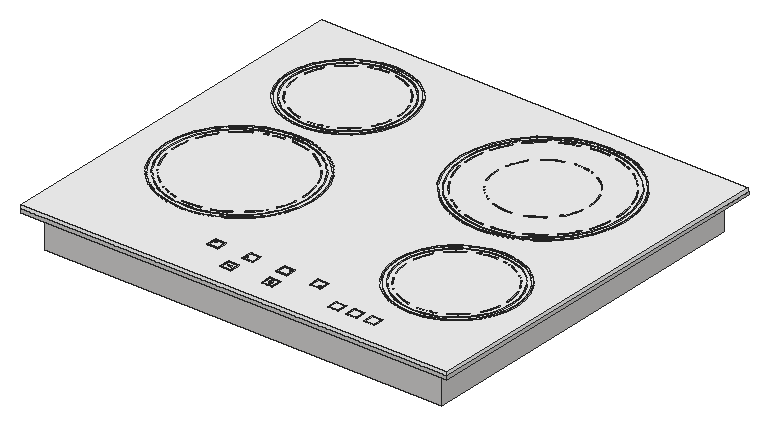
Revit family "QF_Summit_CR4B23T6W_4-Burner Radiant Cooktop", category Specialty Equipment, Revit 2020 (continued)
Automatic sketch dimensions
  curve 249 to curve 273 = 0"  (x2)
  curve 249 to curve 275 = 0"  (x2)
  curve 249 to curve 277 = 0"  (x2)
  curve 249 to curve 279 = 0"  (x2)
  curve 249 to curve 281 = 0"  (x2)
  curve 249 to curve 283 = 0"  (x2)
  curve 249 to curve 285 = 0"  (x2)
  curve 249 to curve 287 = 0"  (x2)
  curve 249 to curve 289 = 0"  (x2)
  curve 249 to curve 291 = 0"  (x2)
  curve 249 to curve 293 = 0"  (x2)
  curve 249 to curve 295 = 0"  (x2)
  curve 249 to curve 297 = 0"  (x2)
  curve 249 to curve 299 = 0"  (x2)
  curve 249 to curve 301 = 0"  (x2)
  curve 249 to curve 303 = 0"  (x2)
  curve 249 to curve 305 = 0"  (x2)
  curve 249 to curve 307 = 0"  (x2)
  curve 249 to curve 309 = 0"  (x2)
  curve 249 to curve 311 = 0"  (x2)
  curve 249 to curve 313 = 0"  (x2)
  curve 249 to curve 315 = 0"  (x2)
  curve 249 to curve 317 = 0"  (x2)
  curve 249 to curve 319 = 0"  (x2)
  curve 249 to curve 321 = 0"  (x2)
  curve 249 to curve 323 = 0"  (x2)
  curve 249 to curve 325 = 0"  (x2)
  curve 249 to curve 327 = 0"  (x2)
  curve 249 to curve 329 = 0"  (x2)
  curve 249 to curve 331 = 0"  (x2)
  curve 251 to curve 253 = 0"  (x2)
  curve 251 to curve 255 = 0"  (x2)
  curve 251 to curve 257 = 0"  (x2)
  curve 251 to curve 259 = 0"  (x2)
  curve 251 to curve 261 = 0"  (x2)
  curve 251 to curve 263 = 0"  (x2)
  curve 251 to curve 265 = 0"  (x2)
  curve 251 to curve 267 = 0"  (x2)
  curve 251 to curve 269 = 0"  (x2)
  curve 251 to curve 271 = 0"  (x2)
  curve 251 to curve 273 = 0"  (x2)
  curve 251 to curve 275 = 0"  (x2)
  curve 251 to curve 277 = 0"  (x2)
  curve 251 to curve 279 = 0"  (x2)
  curve 251 to curve 281 = 0"  (x2)
  curve 251 to curve 283 = 0"  (x2)
  curve 251 to curve 285 = 0"  (x2)
  curve 251 to curve 287 = 0"  (x2)
  curve 251 to curve 289 = 0"  (x2)
  curve 251 to curve 291 = 0"  (x2)
  curve 251 to curve 293 = 0"  (x2)
  curve 251 to curve 295 = 0"  (x2)
  curve 251 to curve 297 = 0"  (x2)
  curve 251 to curve 299 = 0"  (x2)
  curve 251 to curve 301 = 0"  (x2)
  curve 251 to curve 303 = 0"  (x2)
  curve 251 to curve 305 = 0"  (x2)
  curve 251 to curve 307 = 0"  (x2)
  curve 251 to curve 309 = 0"  (x2)
  curve 251 to curve 311 = 0"  (x2)
  curve 251 to curve 313 = 0"  (x2)
  curve 251 to curve 315 = 0"  (x2)
  curve 251 to curve 317 = 0"  (x2)
  curve 251 to curve 319 = 0"  (x2)
  curve 251 to curve 321 = 0"  (x2)
  curve 251 to curve 323 = 0"  (x2)
  curve 251 to curve 325 = 0"  (x2)
  curve 251 to curve 327 = 0"  (x2)
  curve 251 to curve 329 = 0"  (x2)
  curve 251 to curve 331 = 0"  (x2)
  curve 253 to curve 255 = 0"  (x2)
  curve 253 to curve 257 = 0"  (x2)
  curve 253 to curve 259 = 0"  (x2)
  curve 253 to curve 261 = 0"  (x2)
  curve 253 to curve 263 = 0"  (x2)
  curve 253 to curve 265 = 0"  (x2)
  curve 253 to curve 267 = 0"  (x2)
  curve 253 to curve 269 = 0"  (x2)
  curve 253 to curve 271 = 0"  (x2)
  curve 253 to curve 273 = 0"  (x2)
  curve 253 to curve 275 = 0"  (x2)
  curve 253 to curve 277 = 0"  (x2)
  curve 253 to curve 279 = 0"  (x2)
  curve 253 to curve 281 = 0"  (x2)
  curve 253 to curve 283 = 0"  (x2)
  curve 253 to curve 285 = 0"  (x2)
  curve 253 to curve 287 = 0"  (x2)
  curve 253 to curve 289 = 0"  (x2)
  curve 253 to curve 291 = 0"  (x2)
  curve 253 to curve 293 = 0"  (x2)
  curve 253 to curve 295 = 0"  (x2)
  curve 253 to curve 297 = 0"  (x2)
  curve 253 to curve 299 = 0"  (x2)
  curve 253 to curve 301 = 0"  (x2)
  curve 253 to curve 303 = 0"  (x2)
  curve 253 to curve 305 = 0"  (x2)
  curve 253 to curve 307 = 0"  (x2)
  curve 253 to curve 309 = 0"  (x2)
  curve 253 to curve 311 = 0"  (x2)
  curve 253 to curve 313 = 0"  (x2)
  curve 253 to curve 315 = 0"  (x2)
  curve 253 to curve 317 = 0"  (x2)
  curve 253 to curve 319 = 0"  (x2)
  curve 253 to curve 321 = 0"  (x2)
  curve 253 to curve 323 = 0"  (x2)
  curve 253 to curve 325 = 0"  (x2)
  curve 253 to curve 327 = 0"  (x2)
  curve 253 to curve 329 = 0"  (x2)
  curve 253 to curve 331 = 0"  (x2)
  curve 255 to curve 257 = 0"  (x2)
  curve 255 to curve 259 = 0"  (x2)
  curve 255 to curve 261 = 0"  (x2)
  curve 255 to curve 263 = 0"  (x2)
  curve 255 to curve 265 = 0"  (x2)
  curve 255 to curve 267 = 0"  (x2)
  curve 255 to curve 269 = 0"  (x2)
  curve 255 to curve 271 = 0"  (x2)
  curve 255 to curve 273 = 0"  (x2)
  curve 255 to curve 275 = 0"  (x2)
  curve 255 to curve 277 = 0"  (x2)
  curve 255 to curve 279 = 0"  (x2)
  curve 255 to curve 281 = 0"  (x2)
  curve 255 to curve 283 = 0"  (x2)
  curve 255 to curve 285 = 0"  (x2)
  curve 255 to curve 287 = 0"  (x2)
  curve 255 to curve 289 = 0"  (x2)
  curve 255 to curve 291 = 0"  (x2)
  curve 255 to curve 293 = 0"  (x2)
  curve 255 to curve 295 = 0"  (x2)
  curve 255 to curve 297 = 0"  (x2)
  curve 255 to curve 299 = 0"  (x2)
  curve 255 to curve 301 = 0"  (x2)
  curve 255 to curve 303 = 0"  (x2)
  curve 255 to curve 305 = 0"  (x2)
  curve 255 to curve 307 = 0"  (x2)
  curve 255 to curve 309 = 0"  (x2)
  curve 255 to curve 311 = 0"  (x2)
  curve 255 to curve 313 = 0"  (x2)
  curve 255 to curve 315 = 0"  (x2)
  curve 255 to curve 317 = 0"  (x2)
  curve 255 to curve 319 = 0"  (x2)
  curve 255 to curve 321 = 0"  (x2)
  curve 255 to curve 323 = 0"  (x2)
  curve 255 to curve 325 = 0"  (x2)
  curve 255 to curve 327 = 0"  (x2)
  curve 255 to curve 329 = 0"  (x2)
  curve 255 to curve 331 = 0"  (x2)
  curve 257 to curve 259 = 0"  (x2)
  curve 257 to curve 261 = 0"  (x2)
  curve 257 to curve 263 = 0"  (x2)
  curve 257 to curve 265 = 0"  (x2)
  curve 257 to curve 267 = 0"  (x2)
  curve 257 to curve 269 = 0"  (x2)
  curve 257 to curve 271 = 0"  (x2)
  curve 257 to curve 273 = 0"  (x2)
  curve 257 to curve 275 = 0"  (x2)
  curve 257 to curve 277 = 0"  (x2)
  curve 257 to curve 279 = 0"  (x2)
  curve 257 to curve 281 = 0"  (x2)
  curve 257 to curve 283 = 0"  (x2)
  curve 257 to curve 285 = 0"  (x2)
  curve 257 to curve 287 = 0"  (x2)
  curve 257 to curve 289 = 0"  (x2)
  curve 257 to curve 291 = 0"  (x2)
  curve 257 to curve 293 = 0"  (x2)
  curve 257 to curve 295 = 0"  (x2)
  curve 257 to curve 297 = 0"  (x2)
  curve 257 to curve 299 = 0"  (x2)
  curve 257 to curve 301 = 0"  (x2)
  curve 257 to curve 303 = 0"  (x2)
  curve 257 to curve 305 = 0"  (x2)
  curve 257 to curve 307 = 0"  (x2)
  curve 257 to curve 309 = 0"  (x2)
  curve 257 to curve 311 = 0"  (x2)
  curve 257 to curve 313 = 0"  (x2)
  curve 257 to curve 315 = 0"  (x2)
  curve 257 to curve 317 = 0"  (x2)
  curve 257 to curve 319 = 0"  (x2)
  curve 257 to curve 321 = 0"  (x2)
  curve 257 to curve 323 = 0"  (x2)
  curve 257 to curve 325 = 0"  (x2)
  curve 257 to curve 327 = 0"  (x2)
  curve 257 to curve 329 = 0"  (x2)
  curve 257 to curve 331 = 0"  (x2)
  curve 259 to curve 261 = 0"  (x2)
  curve 259 to curve 263 = 0"  (x2)
  curve 259 to curve 265 = 0"  (x2)
  curve 259 to curve 267 = 0"  (x2)
  curve 259 to curve 269 = 0"  (x2)
  curve 259 to curve 271 = 0"  (x2)
  curve 259 to curve 273 = 0"  (x2)
  curve 259 to curve 275 = 0"  (x2)
  curve 259 to curve 277 = 0"  (x2)
  curve 259 to curve 279 = 0"  (x2)
  curve 259 to curve 281 = 0"  (x2)
  curve 259 to curve 283 = 0"  (x2)
  curve 259 to curve 285 = 0"  (x2)
  curve 259 to curve 287 = 0"  (x2)
  curve 259 to curve 289 = 0"  (x2)
  curve 259 to curve 291 = 0"  (x2)
  curve 259 to curve 293 = 0"  (x2)
  curve 259 to curve 295 = 0"  (x2)
  curve 259 to curve 297 = 0"  (x2)
  curve 259 to curve 299 = 0"  (x2)
  curve 259 to curve 301 = 0"  (x2)
  curve 259 to curve 303 = 0"  (x2)
  curve 259 to curve 305 = 0"  (x2)
  curve 259 to curve 307 = 0"  (x2)
  curve 259 to curve 309 = 0"  (x2)
  curve 259 to curve 311 = 0"  (x2)
  curve 259 to curve 313 = 0"  (x2)
  curve 259 to curve 315 = 0"  (x2)
  curve 259 to curve 317 = 0"  (x2)
  curve 259 to curve 319 = 0"  (x2)
  curve 259 to curve 321 = 0"  (x2)
  curve 259 to curve 323 = 0"  (x2)
  curve 259 to curve 325 = 0"  (x2)
  curve 259 to curve 327 = 0"  (x2)
  curve 259 to curve 329 = 0"  (x2)
  curve 259 to curve 331 = 0"  (x2)
  curve 261 to curve 263 = 0"  (x2)
  curve 261 to curve 265 = 0"  (x2)
  curve 261 to curve 267 = 0"  (x2)
  curve 261 to curve 269 = 0"  (x2)
  curve 261 to curve 271 = 0"  (x2)
  curve 261 to curve 273 = 0"  (x2)
  curve 261 to curve 275 = 0"  (x2)
  curve 261 to curve 277 = 0"  (x2)
  curve 261 to curve 279 = 0"  (x2)
  curve 261 to curve 281 = 0"  (x2)
  curve 261 to curve 283 = 0"  (x2)
  curve 261 to curve 285 = 0"  (x2)
  curve 261 to curve 287 = 0"  (x2)
  curve 261 to curve 289 = 0"  (x2)
  curve 261 to curve 291 = 0"  (x2)
  curve 261 to curve 293 = 0"  (x2)
  curve 261 to curve 295 = 0"  (x2)
  curve 261 to curve 297 = 0"  (x2)
  curve 261 to curve 299 = 0"  (x2)
  curve 261 to curve 301 = 0"  (x2)
  curve 261 to curve 303 = 0"  (x2)
  curve 261 to curve 305 = 0"  (x2)
  curve 261 to curve 307 = 0"  (x2)
  curve 261 to curve 309 = 0"  (x2)
  curve 261 to curve 311 = 0"  (x2)
  curve 261 to curve 313 = 0"  (x2)
  curve 261 to curve 315 = 0"  (x2)
  curve 261 to curve 317 = 0"  (x2)
  curve 261 to curve 319 = 0"  (x2)
  curve 261 to curve 321 = 0"  (x2)
  curve 261 to curve 323 = 0"  (x2)
  curve 261 to curve 325 = 0"  (x2)
  curve 261 to curve 327 = 0"  (x2)
  curve 261 to curve 329 = 0"  (x2)
  curve 261 to curve 331 = 0"  (x2)
  curve 263 to curve 265 = 0"  (x2)
  curve 263 to curve 267 = 0"  (x2)
  curve 263 to curve 269 = 0"  (x2)
  curve 263 to curve 271 = 0"  (x2)
  curve 263 to curve 273 = 0"  (x2)
  curve 263 to curve 275 = 0"  (x2)
  curve 263 to curve 277 = 0"  (x2)
  curve 263 to curve 279 = 0"  (x2)
  curve 263 to curve 281 = 0"  (x2)
  curve 263 to curve 283 = 0"  (x2)
  curve 263 to curve 285 = 0"  (x2)
  curve 263 to curve 287 = 0"  (x2)
  curve 263 to curve 289 = 0"  (x2)
  curve 263 to curve 291 = 0"  (x2)
  curve 263 to curve 293 = 0"  (x2)
  curve 263 to curve 295 = 0"  (x2)
  curve 263 to curve 297 = 0"  (x2)
  curve 263 to curve 299 = 0"  (x2)
  curve 263 to curve 301 = 0"  (x2)
  curve 263 to curve 303 = 0"  (x2)
  curve 263 to curve 305 = 0"  (x2)
  curve 263 to curve 307 = 0"  (x2)
  curve 263 to curve 309 = 0"  (x2)
  curve 263 to curve 311 = 0"  (x2)
  curve 263 to curve 313 = 0"  (x2)
  curve 263 to curve 315 = 0"  (x2)
  curve 263 to curve 317 = 0"  (x2)
  curve 263 to curve 319 = 0"  (x2)
  curve 263 to curve 321 = 0"  (x2)
  curve 263 to curve 323 = 0"  (x2)
  curve 263 to curve 325 = 0"  (x2)
  curve 263 to curve 327 = 0"  (x2)
  curve 263 to curve 329 = 0"  (x2)
  curve 263 to curve 331 = 0"  (x2)
  curve 265 to curve 267 = 0"  (x2)
  curve 265 to curve 269 = 0"  (x2)
  curve 265 to curve 271 = 0"  (x2)
  curve 265 to curve 273 = 0"  (x2)
  curve 265 to curve 275 = 0"  (x2)
  curve 265 to curve 277 = 0"  (x2)
  curve 265 to curve 279 = 0"  (x2)
  curve 265 to curve 281 = 0"  (x2)
  curve 265 to curve 283 = 0"  (x2)
  curve 265 to curve 285 = 0"  (x2)
  curve 265 to curve 287 = 0"  (x2)
  curve 265 to curve 289 = 0"  (x2)
  curve 265 to curve 291 = 0"  (x2)
  curve 265 to curve 293 = 0"  (x2)
  curve 265 to curve 295 = 0"  (x2)
  curve 265 to curve 297 = 0"  (x2)
  curve 265 to curve 299 = 0"  (x2)
  curve 265 to curve 301 = 0"  (x2)
  curve 265 to curve 303 = 0"  (x2)
  curve 265 to curve 305 = 0"  (x2)
  curve 265 to curve 307 = 0"  (x2)
  curve 265 to curve 309 = 0"  (x2)
  curve 265 to curve 311 = 0"  (x2)
  curve 265 to curve 313 = 0"  (x2)
  curve 265 to curve 315 = 0"  (x2)
  curve 265 to curve 317 = 0"  (x2)
  curve 265 to curve 319 = 0"  (x2)
  curve 265 to curve 321 = 0"  (x2)
  curve 265 to curve 323 = 0"  (x2)
  curve 265 to curve 325 = 0"  (x2)
  curve 265 to curve 327 = 0"  (x2)
  curve 265 to curve 329 = 0"  (x2)
  curve 265 to curve 331 = 0"  (x2)
  curve 267 to curve 269 = 0"  (x2)
  curve 267 to curve 271 = 0"  (x2)
  curve 267 to curve 273 = 0"  (x2)
  curve 267 to curve 275 = 0"  (x2)
  curve 267 to curve 277 = 0"  (x2)
  curve 267 to curve 279 = 0"  (x2)
  curve 267 to curve 281 = 0"  (x2)
  curve 267 to curve 283 = 0"  (x2)
  curve 267 to curve 285 = 0"  (x2)
  curve 267 to curve 287 = 0"  (x2)
  curve 267 to curve 289 = 0"  (x2)
  curve 267 to curve 291 = 0"  (x2)
  curve 267 to curve 293 = 0"  (x2)
  curve 267 to curve 295 = 0"  (x2)
  curve 267 to curve 297 = 0"  (x2)
  curve 267 to curve 299 = 0"  (x2)
  curve 267 to curve 301 = 0"  (x2)
  curve 267 to curve 303 = 0"  (x2)
  curve 267 to curve 305 = 0"  (x2)
  curve 267 to curve 307 = 0"  (x2)
  curve 267 to curve 309 = 0"  (x2)
  curve 267 to curve 311 = 0"  (x2)
  curve 267 to curve 313 = 0"  (x2)
  curve 267 to curve 315 = 0"  (x2)
  curve 267 to curve 317 = 0"  (x2)
  curve 267 to curve 319 = 0"  (x2)
  curve 267 to curve 321 = 0"  (x2)
  curve 267 to curve 323 = 0"  (x2)
  curve 267 to curve 325 = 0"  (x2)
  curve 267 to curve 327 = 0"  (x2)
  curve 267 to curve 329 = 0"  (x2)
  curve 267 to curve 331 = 0"  (x2)
  curve 269 to curve 271 = 0"  (x2)
  curve 269 to curve 273 = 0"  (x2)
  curve 269 to curve 275 = 0"  (x2)
  curve 269 to curve 277 = 0"  (x2)
  curve 269 to curve 279 = 0"  (x2)
  curve 269 to curve 281 = 0"  (x2)
  curve 269 to curve 283 = 0"  (x2)
  curve 269 to curve 285 = 0"  (x2)
  curve 269 to curve 287 = 0"  (x2)
  curve 269 to curve 289 = 0"  (x2)
  curve 269 to curve 291 = 0"  (x2)
  curve 269 to curve 293 = 0"  (x2)
  curve 269 to curve 295 = 0"  (x2)
  curve 269 to curve 297 = 0"  (x2)
  curve 269 to curve 299 = 0"  (x2)
  curve 269 to curve 301 = 0"  (x2)
  curve 269 to curve 303 = 0"  (x2)
  curve 269 to curve 305 = 0"  (x2)
  curve 269 to curve 307 = 0"  (x2)
  curve 269 to curve 309 = 0"  (x2)
  curve 269 to curve 311 = 0"  (x2)
  curve 269 to curve 313 = 0"  (x2)
  curve 269 to curve 315 = 0"  (x2)
  curve 269 to curve 317 = 0"  (x2)
  curve 269 to curve 319 = 0"  (x2)
  curve 269 to curve 321 = 0"  (x2)
  curve 269 to curve 323 = 0"  (x2)
  curve 269 to curve 325 = 0"  (x2)
  curve 269 to curve 327 = 0"  (x2)
  curve 269 to curve 329 = 0"  (x2)
  curve 269 to curve 331 = 0"  (x2)
  curve 271 to curve 273 = 0"  (x2)
  curve 271 to curve 275 = 0"  (x2)
  curve 271 to curve 277 = 0"  (x2)
  curve 271 to curve 279 = 0"  (x2)
  curve 271 to curve 281 = 0"  (x2)
  curve 271 to curve 283 = 0"  (x2)
  curve 271 to curve 285 = 0"  (x2)
  curve 271 to curve 287 = 0"  (x2)
  curve 271 to curve 289 = 0"  (x2)
  curve 271 to curve 291 = 0"  (x2)
  curve 271 to curve 293 = 0"  (x2)
  curve 271 to curve 295 = 0"  (x2)
  curve 271 to curve 297 = 0"  (x2)
  curve 271 to curve 299 = 0"  (x2)
  curve 271 to curve 301 = 0"  (x2)
  curve 271 to curve 303 = 0"  (x2)
  curve 271 to curve 305 = 0"  (x2)
  curve 271 to curve 307 = 0"  (x2)
  curve 271 to curve 309 = 0"  (x2)
  curve 271 to curve 311 = 0"  (x2)
  curve 271 to curve 313 = 0"  (x2)
  curve 271 to curve 315 = 0"  (x2)
  curve 271 to curve 317 = 0"  (x2)
  curve 271 to curve 319 = 0"  (x2)
  curve 271 to curve 321 = 0"  (x2)
  curve 271 to curve 323 = 0"  (x2)
  curve 271 to curve 325 = 0"  (x2)
  curve 271 to curve 327 = 0"  (x2)
  curve 271 to curve 329 = 0"  (x2)
  curve 271 to curve 331 = 0"  (x2)
  curve 273 to curve 275 = 0"  (x2)
  curve 273 to curve 277 = 0"  (x2)
  curve 273 to curve 279 = 0"  (x2)
  curve 273 to curve 281 = 0"  (x2)
  curve 273 to curve 283 = 0"  (x2)
  curve 273 to curve 285 = 0"  (x2)
  curve 273 to curve 287 = 0"  (x2)
  curve 273 to curve 289 = 0"  (x2)
  curve 273 to curve 291 = 0"  (x2)
  curve 273 to curve 293 = 0"  (x2)
  curve 273 to curve 295 = 0"  (x2)
  curve 273 to curve 297 = 0"  (x2)
  curve 273 to curve 299 = 0"  (x2)
  curve 273 to curve 301 = 0"  (x2)
  curve 273 to curve 303 = 0"  (x2)
  curve 273 to curve 305 = 0"  (x2)
  curve 273 to curve 307 = 0"  (x2)
  curve 273 to curve 309 = 0"  (x2)
  curve 273 to curve 311 = 0"  (x2)
  curve 273 to curve 313 = 0"  (x2)
  curve 273 to curve 315 = 0"  (x2)
  curve 273 to curve 317 = 0"  (x2)
  curve 273 to curve 319 = 0"  (x2)
  curve 273 to curve 321 = 0"  (x2)
  curve 273 to curve 323 = 0"  (x2)
  curve 273 to curve 325 = 0"  (x2)
  curve 273 to curve 327 = 0"  (x2)
  curve 273 to curve 329 = 0"  (x2)
  curve 273 to curve 331 = 0"  (x2)
  curve 275 to curve 277 = 0"  (x2)
  curve 275 to curve 279 = 0"  (x2)
  curve 275 to curve 281 = 0"  (x2)
  curve 275 to curve 283 = 0"  (x2)
  curve 275 to curve 285 = 0"  (x2)
  curve 275 to curve 287 = 0"  (x2)
  curve 275 to curve 289 = 0"  (x2)
  curve 275 to curve 291 = 0"  (x2)
  curve 275 to curve 293 = 0"  (x2)
  curve 275 to curve 295 = 0"  (x2)
  curve 275 to curve 297 = 0"  (x2)
  curve 275 to curve 299 = 0"  (x2)
  curve 275 to curve 301 = 0"  (x2)
  curve 275 to curve 303 = 0"  (x2)
  curve 275 to curve 305 = 0"  (x2)
  curve 275 to curve 307 = 0"  (x2)
  curve 275 to curve 309 = 0"  (x2)
  curve 275 to curve 311 = 0"  (x2)
  curve 275 to curve 313 = 0"  (x2)
  curve 275 to curve 315 = 0"  (x2)
  curve 275 to curve 317 = 0"  (x2)
  curve 275 to curve 319 = 0"  (x2)
  curve 275 to curve 321 = 0"  (x2)
  curve 275 to curve 323 = 0"  (x2)
  curve 275 to curve 325 = 0"  (x2)
  curve 275 to curve 327 = 0"  (x2)
  curve 275 to curve 329 = 0"  (x2)
  curve 275 to curve 331 = 0"  (x2)
  curve 277 to curve 279 = 0"  (x2)
  curve 277 to curve 281 = 0"  (x2)
  curve 277 to curve 283 = 0"  (x2)
  curve 277 to curve 285 = 0"  (x2)
  curve 277 to curve 287 = 0"  (x2)
  curve 277 to curve 289 = 0"  (x2)
  curve 277 to curve 291 = 0"  (x2)
  curve 277 to curve 293 = 0"  (x2)
  curve 277 to curve 295 = 0"  (x2)
  curve 277 to curve 297 = 0"  (x2)
  curve 277 to curve 299 = 0"  (x2)
  curve 277 to curve 301 = 0"  (x2)
  curve 277 to curve 303 = 0"  (x2)
  curve 277 to curve 305 = 0"  (x2)
  curve 277 to curve 307 = 0"  (x2)
  curve 277 to curve 309 = 0"  (x2)
  curve 277 to curve 311 = 0"  (x2)
  curve 277 to curve 313 = 0"  (x2)
  curve 277 to curve 315 = 0"  (x2)
  curve 277 to curve 317 = 0"  (x2)
  curve 277 to curve 319 = 0"  (x2)
  curve 277 to curve 321 = 0"  (x2)
  curve 277 to curve 323 = 0"  (x2)
  curve 277 to curve 325 = 0"  (x2)
  curve 277 to curve 327 = 0"  (x2)
  curve 277 to curve 329 = 0"  (x2)
  curve 277 to curve 331 = 0"  (x2)
  curve 279 to curve 281 = 0"  (x2)
  curve 279 to curve 283 = 0"  (x2)
  curve 279 to curve 285 = 0"  (x2)
  curve 279 to curve 287 = 0"  (x2)
  curve 279 to curve 289 = 0"  (x2)
  curve 279 to curve 291 = 0"  (x2)
  curve 279 to curve 293 = 0"  (x2)
  curve 279 to curve 295 = 0"  (x2)
  curve 279 to curve 297 = 0"  (x2)
  curve 279 to curve 299 = 0"  (x2)
  curve 279 to curve 301 = 0"  (x2)
  curve 279 to curve 303 = 0"  (x2)
  curve 279 to curve 305 = 0"  (x2)
  curve 279 to curve 307 = 0"  (x2)
  curve 279 to curve 309 = 0"  (x2)
  curve 279 to curve 311 = 0"  (x2)
  curve 279 to curve 313 = 0"  (x2)
  curve 279 to curve 315 = 0"  (x2)
  curve 279 to curve 317 = 0"  (x2)
  curve 279 to curve 319 = 0"  (x2)
  curve 279 to curve 321 = 0"  (x2)
  curve 279 to curve 323 = 0"  (x2)
  curve 279 to curve 325 = 0"  (x2)
  curve 279 to curve 327 = 0"  (x2)
  curve 279 to curve 329 = 0"  (x2)
  curve 279 to curve 331 = 0"  (x2)
  curve 281 to curve 283 = 0"  (x2)
  curve 281 to curve 285 = 0"  (x2)
  curve 281 to curve 287 = 0"  (x2)
  curve 281 to curve 289 = 0"  (x2)
  curve 281 to curve 291 = 0"  (x2)
  curve 281 to curve 293 = 0"  (x2)
  curve 281 to curve 295 = 0"  (x2)
  curve 281 to curve 297 = 0"  (x2)
  curve 281 to curve 299 = 0"  (x2)
  curve 281 to curve 301 = 0"  (x2)
  curve 281 to curve 303 = 0"  (x2)
  curve 281 to curve 305 = 0"  (x2)
  curve 281 to curve 307 = 0"  (x2)
  curve 281 to curve 309 = 0"  (x2)
  curve 281 to curve 311 = 0"  (x2)
  curve 281 to curve 313 = 0"  (x2)
  curve 281 to curve 315 = 0"  (x2)
  curve 281 to curve 317 = 0"  (x2)
  curve 281 to curve 319 = 0"  (x2)
  curve 281 to curve 321 = 0"  (x2)
  curve 281 to curve 323 = 0"  (x2)
  curve 281 to curve 325 = 0"  (x2)
  curve 281 to curve 327 = 0"  (x2)
  curve 281 to curve 329 = 0"  (x2)
  curve 281 to curve 331 = 0"  (x2)
  curve 283 to curve 285 = 0"  (x2)
  curve 283 to curve 287 = 0"  (x2)
  curve 283 to curve 289 = 0"  (x2)
  curve 283 to curve 291 = 0"  (x2)
  curve 283 to curve 293 = 0"  (x2)
  curve 283 to curve 295 = 0"  (x2)
  curve 283 to curve 297 = 0"  (x2)
  curve 283 to curve 299 = 0"  (x2)
  curve 283 to curve 301 = 0"  (x2)
  curve 283 to curve 303 = 0"  (x2)
  curve 283 to curve 305 = 0"  (x2)
  curve 283 to curve 307 = 0"  (x2)
  curve 283 to curve 309 = 0"  (x2)
  curve 283 to curve 311 = 0"  (x2)
  curve 283 to curve 313 = 0"  (x2)
  curve 283 to curve 315 = 0"  (x2)
  curve 283 to curve 317 = 0"  (x2)
  curve 283 to curve 319 = 0"  (x2)
  curve 283 to curve 321 = 0"  (x2)
  curve 283 to curve 323 = 0"  (x2)
  curve 283 to curve 325 = 0"  (x2)
  curve 283 to curve 327 = 0"  (x2)
  curve 283 to curve 329 = 0"  (x2)
  curve 283 to curve 331 = 0"  (x2)
  curve 285 to curve 287 = 0"  (x2)
  curve 285 to curve 289 = 0"  (x2)
  curve 285 to curve 291 = 0"  (x2)
  curve 285 to curve 293 = 0"  (x2)
  curve 285 to curve 295 = 0"  (x2)
  curve 285 to curve 297 = 0"  (x2)
  curve 285 to curve 299 = 0"  (x2)
  curve 285 to curve 301 = 0"  (x2)
  curve 285 to curve 303 = 0"  (x2)
  curve 285 to curve 305 = 0"  (x2)
  curve 285 to curve 307 = 0"  (x2)
  curve 285 to curve 309 = 0"  (x2)
  curve 285 to curve 311 = 0"  (x2)
  curve 285 to curve 313 = 0"  (x2)
  curve 285 to curve 315 = 0"  (x2)
  curve 285 to curve 317 = 0"  (x2)
  curve 285 to curve 319 = 0"  (x2)
  curve 285 to curve 321 = 0"  (x2)
  curve 285 to curve 323 = 0"  (x2)
  curve 285 to curve 325 = 0"  (x2)
  curve 285 to curve 327 = 0"  (x2)
  curve 285 to curve 329 = 0"  (x2)
  curve 285 to curve 331 = 0"  (x2)
  curve 287 to curve 289 = 0"  (x2)
  curve 287 to curve 291 = 0"  (x2)
  curve 287 to curve 293 = 0"  (x2)
  curve 287 to curve 295 = 0"  (x2)
  curve 287 to curve 297 = 0"  (x2)
  curve 287 to curve 299 = 0"  (x2)
  curve 287 to curve 301 = 0"  (x2)
  curve 287 to curve 303 = 0"  (x2)
  curve 287 to curve 305 = 0"  (x2)
  curve 287 to curve 307 = 0"  (x2)
  curve 287 to curve 309 = 0"  (x2)
  curve 287 to curve 311 = 0"  (x2)
  curve 287 to curve 313 = 0"  (x2)
  curve 287 to curve 315 = 0"  (x2)
  curve 287 to curve 317 = 0"  (x2)
  curve 287 to curve 319 = 0"  (x2)
  curve 287 to curve 321 = 0"  (x2)
  curve 287 to curve 323 = 0"  (x2)
  curve 287 to curve 325 = 0"  (x2)
  curve 287 to curve 327 = 0"  (x2)
  curve 287 to curve 329 = 0"  (x2)
  curve 287 to curve 331 = 0"  (x2)
  curve 289 to curve 291 = 0"  (x2)
  curve 289 to curve 293 = 0"  (x2)
  curve 289 to curve 295 = 0"  (x2)
  curve 289 to curve 297 = 0"  (x2)
  curve 289 to curve 299 = 0"  (x2)
  curve 289 to curve 301 = 0"  (x2)
  curve 289 to curve 303 = 0"  (x2)
  curve 289 to curve 305 = 0"  (x2)
  curve 289 to curve 307 = 0"  (x2)
  curve 289 to curve 309 = 0"  (x2)
  curve 289 to curve 311 = 0"  (x2)
  curve 289 to curve 313 = 0"  (x2)
  curve 289 to curve 315 = 0"  (x2)
  curve 289 to curve 317 = 0"  (x2)
  curve 289 to curve 319 = 0"  (x2)
  curve 289 to curve 321 = 0"  (x2)
  curve 289 to curve 323 = 0"  (x2)
  curve 289 to curve 325 = 0"  (x2)
  curve 289 to curve 327 = 0"  (x2)
  curve 289 to curve 329 = 0"  (x2)
  curve 289 to curve 331 = 0"  (x2)
  curve 291 to curve 293 = 0"  (x2)
  curve 291 to curve 295 = 0"  (x2)
  curve 291 to curve 297 = 0"  (x2)
  curve 291 to curve 299 = 0"  (x2)
  curve 291 to curve 301 = 0"  (x2)
  curve 291 to curve 303 = 0"  (x2)
  curve 291 to curve 305 = 0"  (x2)
  curve 291 to curve 307 = 0"  (x2)
  curve 291 to curve 309 = 0"  (x2)
  curve 291 to curve 311 = 0"  (x2)
  curve 291 to curve 313 = 0"  (x2)
  curve 291 to curve 315 = 0"  (x2)
  curve 291 to curve 317 = 0"  (x2)
  curve 291 to curve 319 = 0"  (x2)
  curve 291 to curve 321 = 0"  (x2)
  curve 291 to curve 323 = 0"  (x2)
  curve 291 to curve 325 = 0"  (x2)
  curve 291 to curve 327 = 0"  (x2)
  curve 291 to curve 329 = 0"  (x2)
  curve 291 to curve 331 = 0"  (x2)
  curve 293 to curve 295 = 0"  (x2)
  curve 293 to curve 297 = 0"  (x2)
  curve 293 to curve 299 = 0"  (x2)
  curve 293 to curve 301 = 0"  (x2)
  curve 293 to curve 303 = 0"  (x2)
  curve 293 to curve 305 = 0"  (x2)
  curve 293 to curve 307 = 0"  (x2)
  curve 293 to curve 309 = 0"  (x2)
  curve 293 to curve 311 = 0"  (x2)
  curve 293 to curve 313 = 0"  (x2)
  curve 293 to curve 315 = 0"  (x2)
  curve 293 to curve 317 = 0"  (x2)
  curve 293 to curve 319 = 0"  (x2)
  curve 293 to curve 321 = 0"  (x2)
  curve 293 to curve 323 = 0"  (x2)
  curve 293 to curve 325 = 0"  (x2)
  curve 293 to curve 327 = 0"  (x2)
  curve 293 to curve 329 = 0"  (x2)
  curve 293 to curve 331 = 0"  (x2)
  curve 295 to curve 297 = 0"  (x2)
  curve 295 to curve 299 = 0"  (x2)
  curve 295 to curve 301 = 0"  (x2)
  curve 295 to curve 303 = 0"  (x2)
  curve 295 to curve 305 = 0"  (x2)
  curve 295 to curve 307 = 0"  (x2)
  curve 295 to curve 309 = 0"  (x2)
  curve 295 to curve 311 = 0"  (x2)
  curve 295 to curve 313 = 0"  (x2)
  curve 295 to curve 315 = 0"  (x2)
  curve 295 to curve 317 = 0"  (x2)
  curve 295 to curve 319 = 0"  (x2)
  curve 295 to curve 321 = 0"  (x2)
  curve 295 to curve 323 = 0"  (x2)
  curve 295 to curve 325 = 0"  (x2)
  curve 295 to curve 327 = 0"  (x2)
  curve 295 to curve 329 = 0"  (x2)
  curve 295 to curve 331 = 0"  (x2)
  curve 297 to curve 299 = 0"  (x2)
  curve 297 to curve 301 = 0"  (x2)
  curve 297 to curve 303 = 0"  (x2)
  curve 297 to curve 305 = 0"  (x2)
  curve 297 to curve 307 = 0"  (x2)
  curve 297 to curve 309 = 0"  (x2)
  curve 297 to curve 311 = 0"  (x2)
  curve 297 to curve 313 = 0"  (x2)
  curve 297 to curve 315 = 0"  (x2)
  curve 297 to curve 317 = 0"  (x2)
  curve 297 to curve 319 = 0"  (x2)
  curve 297 to curve 321 = 0"  (x2)
  curve 297 to curve 323 = 0"  (x2)
  curve 297 to curve 325 = 0"  (x2)
  curve 297 to curve 327 = 0"  (x2)
  curve 297 to curve 329 = 0"  (x2)
  curve 297 to curve 331 = 0"  (x2)
  curve 299 to curve 301 = 0"  (x2)
  curve 299 to curve 303 = 0"  (x2)
  curve 299 to curve 305 = 0"  (x2)
  curve 299 to curve 307 = 0"  (x2)
  curve 299 to curve 309 = 0"  (x2)
  curve 299 to curve 311 = 0"  (x2)
  curve 299 to curve 313 = 0"  (x2)
  curve 299 to curve 315 = 0"  (x2)
  curve 299 to curve 317 = 0"  (x2)
  curve 299 to curve 319 = 0"  (x2)
  curve 299 to curve 321 = 0"  (x2)
  curve 299 to curve 323 = 0"  (x2)
  curve 299 to curve 325 = 0"  (x2)
  curve 299 to curve 327 = 0"  (x2)
  curve 299 to curve 329 = 0"  (x2)
  curve 299 to curve 331 = 0"  (x2)
  curve 301 to curve 303 = 0"  (x2)
  curve 301 to curve 305 = 0"  (x2)
  curve 301 to curve 307 = 0"  (x2)
  curve 301 to curve 309 = 0"  (x2)
  curve 301 to curve 311 = 0"  (x2)
  curve 301 to curve 313 = 0"  (x2)
  curve 301 to curve 315 = 0"  (x2)
  curve 301 to curve 317 = 0"  (x2)
  curve 301 to curve 319 = 0"  (x2)
  curve 301 to curve 321 = 0"  (x2)
  curve 301 to curve 323 = 0"  (x2)
  curve 301 to curve 325 = 0"  (x2)
  curve 301 to curve 327 = 0"  (x2)
  curve 301 to curve 329 = 0"  (x2)
  curve 301 to curve 331 = 0"  (x2)
  curve 303 to curve 305 = 0"  (x2)
  curve 303 to curve 307 = 0"  (x2)
  curve 303 to curve 309 = 0"  (x2)
  curve 303 to curve 311 = 0"  (x2)
  curve 303 to curve 313 = 0"  (x2)
  curve 303 to curve 315 = 0"  (x2)
  curve 303 to curve 317 = 0"  (x2)
  curve 303 to curve 319 = 0"  (x2)
  curve 303 to curve 321 = 0"  (x2)
  curve 303 to curve 323 = 0"  (x2)
  curve 303 to curve 325 = 0"  (x2)
  curve 303 to curve 327 = 0"  (x2)
  curve 303 to curve 329 = 0"  (x2)
  curve 303 to curve 331 = 0"  (x2)
  curve 305 to curve 307 = 0"  (x2)
  curve 305 to curve 309 = 0"  (x2)
  curve 305 to curve 311 = 0"  (x2)
  curve 305 to curve 313 = 0"  (x2)
  curve 305 to curve 315 = 0"  (x2)
  curve 305 to curve 317 = 0"  (x2)
  curve 305 to curve 319 = 0"  (x2)
  curve 305 to curve 321 = 0"  (x2)
  curve 305 to curve 323 = 0"  (x2)
  curve 305 to curve 325 = 0"  (x2)
  curve 305 to curve 327 = 0"  (x2)
  curve 305 to curve 329 = 0"  (x2)
  curve 305 to curve 331 = 0"  (x2)
  curve 307 to curve 309 = 0"  (x2)
  curve 307 to curve 311 = 0"  (x2)
  curve 307 to curve 313 = 0"  (x2)
  curve 307 to curve 315 = 0"  (x2)
  curve 307 to curve 317 = 0"  (x2)
  curve 307 to curve 319 = 0"  (x2)
  curve 307 to curve 321 = 0"  (x2)
  curve 307 to curve 323 = 0"  (x2)
  curve 307 to curve 325 = 0"  (x2)
  curve 307 to curve 327 = 0"  (x2)
  curve 307 to curve 329 = 0"  (x2)
  curve 307 to curve 331 = 0"  (x2)
  curve 309 to curve 311 = 0"  (x2)
  curve 309 to curve 313 = 0"  (x2)
  curve 309 to curve 315 = 0"  (x2)
  curve 309 to curve 317 = 0"  (x2)
  curve 309 to curve 319 = 0"  (x2)
  curve 309 to curve 321 = 0"  (x2)
  curve 309 to curve 323 = 0"  (x2)
  curve 309 to curve 325 = 0"  (x2)
  curve 309 to curve 327 = 0"  (x2)
  curve 309 to curve 329 = 0"  (x2)
  curve 309 to curve 331 = 0"  (x2)
  curve 311 to curve 313 = 0"  (x2)
  curve 311 to curve 315 = 0"  (x2)
  curve 311 to curve 317 = 0"  (x2)
  curve 311 to curve 319 = 0"  (x2)
  curve 311 to curve 321 = 0"  (x2)
  curve 311 to curve 323 = 0"  (x2)
  curve 311 to curve 325 = 0"  (x2)
  curve 311 to curve 327 = 0"  (x2)
  curve 311 to curve 329 = 0"  (x2)
  curve 311 to curve 331 = 0"  (x2)
  curve 313 to curve 315 = 0"  (x2)
  curve 313 to curve 317 = 0"  (x2)
  curve 313 to curve 319 = 0"  (x2)
  curve 313 to curve 321 = 0"  (x2)
  curve 313 to curve 323 = 0"  (x2)
  curve 313 to curve 325 = 0"  (x2)
  curve 313 to curve 327 = 0"  (x2)
  curve 313 to curve 329 = 0"  (x2)
  curve 313 to curve 331 = 0"  (x2)
  curve 315 to curve 317 = 0"  (x2)
  curve 315 to curve 319 = 0"  (x2)
  curve 315 to curve 321 = 0"  (x2)
  curve 315 to curve 323 = 0"  (x2)
  curve 315 to curve 325 = 0"  (x2)
  curve 315 to curve 327 = 0"  (x2)
  curve 315 to curve 329 = 0"  (x2)
  curve 315 to curve 331 = 0"  (x2)
  curve 317 to curve 319 = 0"  (x2)
  curve 317 to curve 321 = 0"  (x2)
  curve 317 to curve 323 = 0"  (x2)
  curve 317 to curve 325 = 0"  (x2)
  curve 317 to curve 327 = 0"  (x2)
  curve 317 to curve 329 = 0"  (x2)
  curve 317 to curve 331 = 0"  (x2)
  curve 319 to curve 321 = 0"  (x2)
  curve 319 to curve 323 = 0"  (x2)
  curve 319 to curve 325 = 0"  (x2)
  curve 319 to curve 327 = 0"  (x2)
  curve 319 to curve 329 = 0"  (x2)
  curve 319 to curve 331 = 0"  (x2)
  curve 321 to curve 323 = 0"  (x2)
  curve 321 to curve 325 = 0"  (x2)
  curve 321 to curve 327 = 0"  (x2)
  curve 321 to curve 329 = 0"  (x2)
  curve 321 to curve 331 = 0"  (x2)
  curve 323 to curve 325 = 0"  (x2)
  curve 323 to curve 327 = 0"  (x2)
  curve 323 to curve 329 = 0"  (x2)
  curve 323 to curve 331 = 0"  (x2)
  curve 325 to curve 327 = 0"  (x2)
  curve 325 to curve 329 = 0"  (x2)
  curve 325 to curve 331 = 0"  (x2)
  curve 327 to curve 329 = 0"  (x2)
  curve 327 to curve 331 = 0"  (x2)
  curve 329 to curve 331 = 0"  (x2)
  curve 333 to curve 334 = 0"  (x2)
  curve 333 to curve 335 = 0"  (x2)
  curve 333 to curve 336 = 0"  (x2)
  curve 333 to curve 337 = 0"  (x2)
  curve 333 to curve 338 = 0"  (x2)
  curve 333 to curve 339 = 0"  (x2)
  curve 333 to curve 340 = 0"  (x2)
  curve 333 to curve 341 = 0"  (x2)
  curve 333 to curve 343 = 0"  (x2)
  curve 333 to curve 345 = 0"  (x2)
  curve 333 to curve 347 = 0"  (x2)
  curve 333 to curve 349 = 0"  (x2)
  curve 333 to curve 351 = 0"  (x2)
  curve 333 to curve 353 = 0"  (x2)
  curve 333 to curve 355 = 0"  (x2)
  curve 333 to curve 357 = 0"  (x2)
  curve 333 to curve 359 = 0"  (x2)
  curve 333 to curve 361 = 0"  (x2)
  curve 333 to curve 363 = 0"  (x2)
  curve 333 to curve 365 = 0"  (x2)
  curve 333 to curve 367 = 0"  (x2)
  curve 333 to curve 369 = 0"  (x2)
  curve 333 to curve 371 = 0"  (x2)
  curve 333 to curve 373 = 0"  (x2)
  curve 333 to curve 375 = 0"  (x2)
  curve 333 to curve 377 = 0"  (x2)
  curve 333 to curve 379 = 0"  (x2)
  curve 333 to curve 381 = 0"  (x2)
  curve 333 to curve 383 = 0"  (x2)
  curve 333 to curve 385 = 0"  (x2)
  curve 333 to curve 387 = 0"  (x2)
  curve 334 to curve 335 = 0"  (x2)
  curve 334 to curve 336 = 0"  (x2)
  curve 334 to curve 337 = 0"  (x2)
  curve 334 to curve 338 = 0"  (x2)
  curve 334 to curve 339 = 0"  (x2)
  curve 334 to curve 340 = 0"  (x2)
  curve 334 to curve 341 = 0"  (x2)
  curve 334 to curve 343 = 0"  (x2)
  curve 334 to curve 345 = 0"  (x2)
  curve 334 to curve 347 = 0"  (x2)
  curve 334 to curve 349 = 0"  (x2)
  curve 334 to curve 351 = 0"  (x2)
  curve 334 to curve 353 = 0"  (x2)
  curve 334 to curve 355 = 0"  (x2)
  curve 334 to curve 357 = 0"  (x2)
  curve 334 to curve 359 = 0"  (x2)
  curve 334 to curve 361 = 0"  (x2)
  curve 334 to curve 363 = 0"  (x2)
  curve 334 to curve 365 = 0"  (x2)
  curve 334 to curve 367 = 0"  (x2)
  curve 334 to curve 369 = 0"  (x2)
  curve 334 to curve 371 = 0"  (x2)
  curve 334 to curve 373 = 0"  (x2)
  curve 334 to curve 375 = 0"  (x2)
  curve 334 to curve 377 = 0"  (x2)
  curve 334 to curve 379 = 0"  (x2)
  curve 334 to curve 381 = 0"  (x2)
  curve 334 to curve 383 = 0"  (x2)
  curve 334 to curve 385 = 0"  (x2)
  curve 334 to curve 387 = 0"  (x2)
  curve 335 to curve 336 = 0"  (x2)
  curve 335 to curve 337 = 0"  (x2)
  curve 335 to curve 338 = 0"  (x2)
  curve 335 to curve 339 = 0"  (x2)
  curve 335 to curve 340 = 0"  (x2)
  curve 335 to curve 341 = 0"  (x2)
  curve 335 to curve 343 = 0"  (x2)
  curve 335 to curve 345 = 0"  (x2)
  curve 335 to curve 347 = 0"  (x2)
  curve 335 to curve 349 = 0"  (x2)
  curve 335 to curve 351 = 0"  (x2)
  curve 335 to curve 353 = 0"  (x2)
  curve 335 to curve 355 = 0"  (x2)
  curve 335 to curve 357 = 0"  (x2)
  curve 335 to curve 359 = 0"  (x2)
  curve 335 to curve 361 = 0"  (x2)
  curve 335 to curve 363 = 0"  (x2)
  curve 335 to curve 365 = 0"  (x2)
  curve 335 to curve 367 = 0"  (x2)
  curve 335 to curve 369 = 0"  (x2)
  curve 335 to curve 371 = 0"  (x2)
  curve 335 to curve 373 = 0"  (x2)
  curve 335 to curve 375 = 0"  (x2)
  curve 335 to curve 377 = 0"  (x2)
  curve 335 to curve 379 = 0"  (x2)
  curve 335 to curve 381 = 0"  (x2)
  curve 335 to curve 383 = 0"  (x2)
  curve 335 to curve 385 = 0"  (x2)
  curve 335 to curve 387 = 0"  (x2)
  curve 336 to curve 337 = 0"  (x2)
  curve 336 to curve 338 = 0"  (x2)
  curve 336 to curve 339 = 0"  (x2)
  curve 336 to curve 340 = 0"  (x2)
  curve 336 to curve 341 = 0"  (x2)
  curve 336 to curve 343 = 0"  (x2)
  curve 336 to curve 345 = 0"  (x2)
  curve 336 to curve 347 = 0"  (x2)
  curve 336 to curve 349 = 0"  (x2)
  curve 336 to curve 351 = 0"  (x2)
  curve 336 to curve 353 = 0"  (x2)
  curve 336 to curve 355 = 0"  (x2)
  curve 336 to curve 357 = 0"  (x2)
  curve 336 to curve 359 = 0"  (x2)
  curve 336 to curve 361 = 0"  (x2)
  curve 336 to curve 363 = 0"  (x2)
  curve 336 to curve 365 = 0"  (x2)
  curve 336 to curve 367 = 0"  (x2)
  curve 336 to curve 369 = 0"  (x2)
  curve 336 to curve 371 = 0"  (x2)
  curve 336 to curve 373 = 0"  (x2)
  curve 336 to curve 375 = 0"  (x2)
  curve 336 to curve 377 = 0"  (x2)
  curve 336 to curve 379 = 0"  (x2)
  curve 336 to curve 381 = 0"  (x2)
  curve 336 to curve 383 = 0"  (x2)
  curve 336 to curve 385 = 0"  (x2)
  curve 336 to curve 387 = 0"  (x2)
  curve 337 to curve 338 = 0"  (x2)
  curve 337 to curve 339 = 0"  (x2)
  curve 337 to curve 340 = 0"  (x2)
  curve 337 to curve 341 = 0"  (x2)
  curve 337 to curve 343 = 0"  (x2)
  curve 337 to curve 345 = 0"  (x2)
  curve 337 to curve 347 = 0"  (x2)
  curve 337 to curve 349 = 0"  (x2)
  curve 337 to curve 351 = 0"  (x2)
  curve 337 to curve 353 = 0"  (x2)
  curve 337 to curve 355 = 0"  (x2)
  curve 337 to curve 357 = 0"  (x2)
  curve 337 to curve 359 = 0"  (x2)
  curve 337 to curve 361 = 0"  (x2)
  curve 337 to curve 363 = 0"  (x2)
  curve 337 to curve 365 = 0"  (x2)
  curve 337 to curve 367 = 0"  (x2)
  curve 337 to curve 369 = 0"  (x2)
  curve 337 to curve 371 = 0"  (x2)
  curve 337 to curve 373 = 0"  (x2)
  curve 337 to curve 375 = 0"  (x2)
  curve 337 to curve 377 = 0"  (x2)
  curve 337 to curve 379 = 0"  (x2)
  curve 337 to curve 381 = 0"  (x2)
  curve 337 to curve 383 = 0"  (x2)
  curve 337 to curve 385 = 0"  (x2)
  curve 337 to curve 387 = 0"  (x2)
  curve 338 to curve 339 = 0"  (x2)
  curve 338 to curve 340 = 0"  (x2)
  curve 338 to curve 341 = 0"  (x2)
  curve 338 to curve 343 = 0"  (x2)
  curve 338 to curve 345 = 0"  (x2)
  curve 338 to curve 347 = 0"  (x2)
  curve 338 to curve 349 = 0"  (x2)
  curve 338 to curve 351 = 0"  (x2)
  curve 338 to curve 353 = 0"  (x2)
  curve 338 to curve 355 = 0"  (x2)
  curve 338 to curve 357 = 0"  (x2)
  curve 338 to curve 359 = 0"  (x2)
  curve 338 to curve 361 = 0"  (x2)
  curve 338 to curve 363 = 0"  (x2)
  curve 338 to curve 365 = 0"  (x2)
  curve 338 to curve 367 = 0"  (x2)
  curve 338 to curve 369 = 0"  (x2)
  curve 338 to curve 371 = 0"  (x2)
  curve 338 to curve 373 = 0"  (x2)
  curve 338 to curve 375 = 0"  (x2)
  curve 338 to curve 377 = 0"  (x2)
  curve 338 to curve 379 = 0"  (x2)
  curve 338 to curve 381 = 0"  (x2)
  curve 338 to curve 383 = 0"  (x2)
  curve 338 to curve 385 = 0"  (x2)
  curve 338 to curve 387 = 0"  (x2)
  curve 339 to curve 340 = 0"  (x2)
  curve 339 to curve 341 = 0"  (x2)
  curve 339 to curve 343 = 0"  (x2)
  curve 339 to curve 345 = 0"  (x2)
  curve 339 to curve 347 = 0"  (x2)
  curve 339 to curve 349 = 0"  (x2)
  curve 339 to curve 351 = 0"  (x2)
  curve 339 to curve 353 = 0"  (x2)
  curve 339 to curve 355 = 0"  (x2)
  curve 339 to curve 357 = 0"  (x2)
  curve 339 to curve 359 = 0"  (x2)
  curve 339 to curve 361 = 0"  (x2)
  curve 339 to curve 363 = 0"  (x2)
  curve 339 to curve 365 = 0"  (x2)
  curve 339 to curve 367 = 0"  (x2)
  curve 339 to curve 369 = 0"  (x2)
  curve 339 to curve 371 = 0"  (x2)
  curve 339 to curve 373 = 0"  (x2)
  curve 339 to curve 375 = 0"  (x2)
  curve 339 to curve 377 = 0"  (x2)
  curve 339 to curve 379 = 0"  (x2)
  curve 339 to curve 381 = 0"  (x2)
  curve 339 to curve 383 = 0"  (x2)
  curve 339 to curve 385 = 0"  (x2)
  curve 339 to curve 387 = 0"  (x2)
  curve 340 to curve 341 = 0"  (x2)
  curve 340 to curve 343 = 0"  (x2)
  curve 340 to curve 345 = 0"  (x2)
  curve 340 to curve 347 = 0"  (x2)
  curve 340 to curve 349 = 0"  (x2)
  curve 340 to curve 351 = 0"  (x2)
  curve 340 to curve 353 = 0"  (x2)
  curve 340 to curve 355 = 0"  (x2)
  curve 340 to curve 357 = 0"  (x2)
  curve 340 to curve 359 = 0"  (x2)
  curve 340 to curve 361 = 0"  (x2)
  curve 340 to curve 363 = 0"  (x2)
  curve 340 to curve 365 = 0"  (x2)
  curve 340 to curve 367 = 0"  (x2)
  curve 340 to curve 369 = 0"  (x2)
  curve 340 to curve 371 = 0"  (x2)
  curve 340 to curve 373 = 0"  (x2)
  curve 340 to curve 375 = 0"  (x2)
  curve 340 to curve 377 = 0"  (x2)
  curve 340 to curve 379 = 0"  (x2)
  curve 340 to curve 381 = 0"  (x2)
  curve 340 to curve 383 = 0"  (x2)
  curve 340 to curve 385 = 0"  (x2)
  curve 340 to curve 387 = 0"  (x2)
  curve 341 to curve 343 = 0"  (x2)
  curve 341 to curve 345 = 0"  (x2)
  curve 341 to curve 347 = 0"  (x2)
  curve 341 to curve 349 = 0"  (x2)
  curve 341 to curve 351 = 0"  (x2)
  curve 341 to curve 353 = 0"  (x2)
  curve 341 to curve 355 = 0"  (x2)
  curve 341 to curve 357 = 0"  (x2)
  curve 341 to curve 359 = 0"  (x2)
  curve 341 to curve 361 = 0"  (x2)
  curve 341 to curve 363 = 0"  (x2)
  curve 341 to curve 365 = 0"  (x2)
  curve 341 to curve 367 = 0"  (x2)
  curve 341 to curve 369 = 0"  (x2)
  curve 341 to curve 371 = 0"  (x2)
  curve 341 to curve 373 = 0"  (x2)
  curve 341 to curve 375 = 0"  (x2)
  curve 341 to curve 377 = 0"  (x2)
  curve 341 to curve 379 = 0"  (x2)
  curve 341 to curve 381 = 0"  (x2)
  curve 341 to curve 383 = 0"  (x2)
  curve 341 to curve 385 = 0"  (x2)
  curve 341 to curve 387 = 0"  (x2)
  curve 343 to curve 345 = 0"  (x2)
  curve 343 to curve 347 = 0"  (x2)
  curve 343 to curve 349 = 0"  (x2)
  curve 343 to curve 351 = 0"  (x2)
  curve 343 to curve 353 = 0"  (x2)
  curve 343 to curve 355 = 0"  (x2)
  curve 343 to curve 357 = 0"  (x2)
  curve 343 to curve 359 = 0"  (x2)
  curve 343 to curve 361 = 0"  (x2)
  curve 343 to curve 363 = 0"  (x2)
  curve 343 to curve 365 = 0"  (x2)
  curve 343 to curve 367 = 0"  (x2)
  curve 343 to curve 369 = 0"  (x2)
  curve 343 to curve 371 = 0"  (x2)
  curve 343 to curve 373 = 0"  (x2)
  curve 343 to curve 375 = 0"  (x2)
  curve 343 to curve 377 = 0"  (x2)
  curve 343 to curve 379 = 0"  (x2)
  curve 343 to curve 381 = 0"  (x2)
  curve 343 to curve 383 = 0"  (x2)
  curve 343 to curve 385 = 0"  (x2)
  curve 343 to curve 387 = 0"  (x2)
  curve 345 to curve 347 = 0"  (x2)
  curve 345 to curve 349 = 0"  (x2)
  curve 345 to curve 351 = 0"  (x2)
  curve 345 to curve 353 = 0"  (x2)
  curve 345 to curve 355 = 0"  (x2)
  curve 345 to curve 357 = 0"  (x2)
  curve 345 to curve 359 = 0"  (x2)
  curve 345 to curve 361 = 0"  (x2)
  curve 345 to curve 363 = 0"  (x2)
  curve 345 to curve 365 = 0"  (x2)
  curve 345 to curve 367 = 0"  (x2)
  curve 345 to curve 369 = 0"  (x2)
  curve 345 to curve 371 = 0"  (x2)
  curve 345 to curve 373 = 0"  (x2)
  curve 345 to curve 375 = 0"  (x2)
  curve 345 to curve 377 = 0"  (x2)
  curve 345 to curve 379 = 0"  (x2)
  curve 345 to curve 381 = 0"  (x2)
  curve 345 to curve 383 = 0"  (x2)
  curve 345 to curve 385 = 0"  (x2)
  curve 345 to curve 387 = 0"  (x2)
  curve 347 to curve 349 = 0"  (x2)
  curve 347 to curve 351 = 0"  (x2)
  curve 347 to curve 353 = 0"  (x2)
  curve 347 to curve 355 = 0"  (x2)
  curve 347 to curve 357 = 0"  (x2)
  curve 347 to curve 359 = 0"  (x2)
  curve 347 to curve 361 = 0"  (x2)
  curve 347 to curve 363 = 0"  (x2)
  curve 347 to curve 365 = 0"  (x2)
  curve 347 to curve 367 = 0"  (x2)
  curve 347 to curve 369 = 0"  (x2)
  curve 347 to curve 371 = 0"  (x2)
  curve 347 to curve 373 = 0"  (x2)
  curve 347 to curve 375 = 0"  (x2)
  curve 347 to curve 377 = 0"  (x2)
  curve 347 to curve 379 = 0"  (x2)
  curve 347 to curve 381 = 0"  (x2)
  curve 347 to curve 383 = 0"  (x2)
  curve 347 to curve 385 = 0"  (x2)
  curve 347 to curve 387 = 0"  (x2)
  curve 349 to curve 351 = 0"  (x2)
  curve 349 to curve 353 = 0"  (x2)
  curve 349 to curve 355 = 0"  (x2)
  curve 349 to curve 357 = 0"  (x2)
  curve 349 to curve 359 = 0"  (x2)
  curve 349 to curve 361 = 0"  (x2)
  curve 349 to curve 363 = 0"  (x2)
  curve 349 to curve 365 = 0"  (x2)
  curve 349 to curve 367 = 0"  (x2)
  curve 349 to curve 369 = 0"  (x2)
  curve 349 to curve 371 = 0"  (x2)
  curve 349 to curve 373 = 0"  (x2)
  curve 349 to curve 375 = 0"  (x2)
  curve 349 to curve 377 = 0"  (x2)
  curve 349 to curve 379 = 0"  (x2)
  curve 349 to curve 381 = 0"  (x2)
  curve 349 to curve 383 = 0"  (x2)
  curve 349 to curve 385 = 0"  (x2)
  curve 349 to curve 387 = 0"  (x2)
  curve 351 to curve 353 = 0"  (x2)
  curve 351 to curve 355 = 0"  (x2)
  curve 351 to curve 357 = 0"  (x2)
  curve 351 to curve 359 = 0"  (x2)
  curve 351 to curve 361 = 0"  (x2)
  curve 351 to curve 363 = 0"  (x2)
  curve 351 to curve 365 = 0"  (x2)
  curve 351 to curve 367 = 0"  (x2)
  curve 351 to curve 369 = 0"  (x2)
  curve 351 to curve 371 = 0"  (x2)
  curve 351 to curve 373 = 0"  (x2)
  curve 351 to curve 375 = 0"  (x2)
  curve 351 to curve 377 = 0"  (x2)
  curve 351 to curve 379 = 0"  (x2)
  curve 351 to curve 381 = 0"  (x2)
  curve 351 to curve 383 = 0"  (x2)
  curve 351 to curve 385 = 0"  (x2)
  curve 351 to curve 387 = 0"  (x2)
  curve 353 to curve 355 = 0"  (x2)
  curve 353 to curve 357 = 0"  (x2)
  curve 353 to curve 359 = 0"  (x2)
  curve 353 to curve 361 = 0"  (x2)
  curve 353 to curve 363 = 0"  (x2)
  curve 353 to curve 365 = 0"  (x2)
  curve 353 to curve 367 = 0"  (x2)
  curve 353 to curve 369 = 0"  (x2)
  curve 353 to curve 371 = 0"  (x2)
  curve 353 to curve 373 = 0"  (x2)
  curve 353 to curve 375 = 0"  (x2)
  curve 353 to curve 377 = 0"  (x2)
  curve 353 to curve 379 = 0"  (x2)
  curve 353 to curve 381 = 0"  (x2)
  curve 353 to curve 383 = 0"  (x2)
  curve 353 to curve 385 = 0"  (x2)
  curve 353 to curve 387 = 0"  (x2)
  curve 355 to curve 357 = 0"  (x2)
  curve 355 to curve 359 = 0"  (x2)
  curve 355 to curve 361 = 0"  (x2)
  curve 355 to curve 363 = 0"  (x2)
  curve 355 to curve 365 = 0"  (x2)
  curve 355 to curve 367 = 0"  (x2)
  curve 355 to curve 369 = 0"  (x2)
  curve 355 to curve 371 = 0"  (x2)
  curve 355 to curve 373 = 0"  (x2)
  curve 355 to curve 375 = 0"  (x2)
  curve 355 to curve 377 = 0"  (x2)
  curve 355 to curve 379 = 0"  (x2)
  curve 355 to curve 381 = 0"  (x2)
  curve 355 to curve 383 = 0"  (x2)
  curve 355 to curve 385 = 0"  (x2)
  curve 355 to curve 387 = 0"  (x2)
  curve 357 to curve 359 = 0"  (x2)
  curve 357 to curve 361 = 0"  (x2)
  curve 357 to curve 363 = 0"  (x2)
  curve 357 to curve 365 = 0"  (x2)
  curve 357 to curve 367 = 0"  (x2)
  curve 357 to curve 369 = 0"  (x2)
  curve 357 to curve 371 = 0"  (x2)
  curve 357 to curve 373 = 0"  (x2)
  curve 357 to curve 375 = 0"  (x2)
  curve 357 to curve 377 = 0"  (x2)
  curve 357 to curve 379 = 0"  (x2)
  curve 357 to curve 381 = 0"  (x2)
  curve 357 to curve 383 = 0"  (x2)
  curve 357 to curve 385 = 0"  (x2)
  curve 357 to curve 387 = 0"  (x2)
  curve 359 to curve 361 = 0"  (x2)
  curve 359 to curve 363 = 0"  (x2)
  curve 359 to curve 365 = 0"  (x2)
  curve 359 to curve 367 = 0"  (x2)
  curve 359 to curve 369 = 0"  (x2)
  curve 359 to curve 371 = 0"  (x2)
  curve 359 to curve 373 = 0"  (x2)
  curve 359 to curve 375 = 0"  (x2)
  curve 359 to curve 377 = 0"  (x2)
  curve 359 to curve 379 = 0"  (x2)
  curve 359 to curve 381 = 0"  (x2)
  curve 359 to curve 383 = 0"  (x2)
  curve 359 to curve 385 = 0"  (x2)
  curve 359 to curve 387 = 0"  (x2)
  curve 361 to curve 363 = 0"  (x2)
  curve 361 to curve 365 = 0"  (x2)
  curve 361 to curve 367 = 0"  (x2)
  curve 361 to curve 369 = 0"  (x2)
  curve 361 to curve 371 = 0"  (x2)
  curve 361 to curve 373 = 0"  (x2)
  curve 361 to curve 375 = 0"  (x2)
  curve 361 to curve 377 = 0"  (x2)
  curve 361 to curve 379 = 0"  (x2)
  curve 361 to curve 381 = 0"  (x2)
  curve 361 to curve 383 = 0"  (x2)
  curve 361 to curve 385 = 0"  (x2)
  curve 361 to curve 387 = 0"  (x2)
  curve 363 to curve 365 = 0"  (x2)
  curve 363 to curve 367 = 0"  (x2)
  curve 363 to curve 369 = 0"  (x2)
  curve 363 to curve 371 = 0"  (x2)
  curve 363 to curve 373 = 0"  (x2)
  curve 363 to curve 375 = 0"  (x2)
  curve 363 to curve 377 = 0"  (x2)
  curve 363 to curve 379 = 0"  (x2)
  curve 363 to curve 381 = 0"  (x2)
  curve 363 to curve 383 = 0"  (x2)
  curve 363 to curve 385 = 0"  (x2)
  curve 363 to curve 387 = 0"  (x2)
  curve 365 to curve 367 = 0"  (x2)
  curve 365 to curve 369 = 0"  (x2)
  curve 365 to curve 371 = 0"  (x2)
  curve 365 to curve 373 = 0"  (x2)
  curve 365 to curve 375 = 0"  (x2)
  curve 365 to curve 377 = 0"  (x2)
  curve 365 to curve 379 = 0"  (x2)
  curve 365 to curve 381 = 0"  (x2)
  curve 365 to curve 383 = 0"  (x2)
  curve 365 to curve 385 = 0"  (x2)
  curve 365 to curve 387 = 0"  (x2)
  curve 367 to curve 369 = 0"  (x2)
  curve 367 to curve 371 = 0"  (x2)
  curve 367 to curve 373 = 0"  (x2)
  curve 367 to curve 375 = 0"  (x2)
  curve 367 to curve 377 = 0"  (x2)
  curve 367 to curve 379 = 0"  (x2)
  curve 367 to curve 381 = 0"  (x2)
  curve 367 to curve 383 = 0"  (x2)
  curve 367 to curve 385 = 0"  (x2)
  curve 367 to curve 387 = 0"  (x2)
  curve 369 to curve 371 = 0"  (x2)
  curve 369 to curve 373 = 0"  (x2)
  curve 369 to curve 375 = 0"  (x2)
  curve 369 to curve 377 = 0"  (x2)
  curve 369 to curve 379 = 0"  (x2)
  curve 369 to curve 381 = 0"  (x2)
  curve 369 to curve 383 = 0"  (x2)
  curve 369 to curve 385 = 0"  (x2)
  curve 369 to curve 387 = 0"  (x2)
  curve 371 to curve 373 = 0"  (x2)
  curve 371 to curve 375 = 0"  (x2)
  curve 371 to curve 377 = 0"  (x2)
  curve 371 to curve 379 = 0"  (x2)
  curve 371 to curve 381 = 0"  (x2)
  curve 371 to curve 383 = 0"  (x2)
  curve 371 to curve 385 = 0"  (x2)
  curve 371 to curve 387 = 0"  (x2)
  curve 373 to curve 375 = 0"  (x2)
  curve 373 to curve 377 = 0"  (x2)
  curve 373 to curve 379 = 0"  (x2)
  curve 373 to curve 381 = 0"  (x2)
  curve 373 to curve 383 = 0"  (x2)
  curve 373 to curve 385 = 0"  (x2)
  curve 373 to curve 387 = 0"  (x2)
  curve 375 to curve 377 = 0"  (x2)
  curve 375 to curve 379 = 0"  (x2)
  curve 375 to curve 381 = 0"  (x2)
  curve 375 to curve 383 = 0"  (x2)
  curve 375 to curve 385 = 0"  (x2)
  curve 375 to curve 387 = 0"  (x2)
  curve 377 to curve 379 = 0"  (x2)
  curve 377 to curve 381 = 0"  (x2)
  curve 377 to curve 383 = 0"  (x2)
  curve 377 to curve 385 = 0"  (x2)
  curve 377 to curve 387 = 0"  (x2)
  curve 379 to curve 381 = 0"  (x2)
  curve 379 to curve 383 = 0"  (x2)
  curve 379 to curve 385 = 0"  (x2)
  curve 379 to curve 387 = 0"  (x2)
  curve 381 to curve 383 = 0"  (x2)
  curve 381 to curve 385 = 0"  (x2)
  curve 381 to curve 387 = 0"  (x2)
  curve 383 to curve 385 = 0"  (x2)
  curve 383 to curve 387 = 0"  (x2)
  curve 385 to curve 387 = 0"  (x2)
  plane 1 "BACK" to curve 389 = 0"
  curve 389 to plane 3 "LEFT" = 0"
  curve 391 to plane 4 "RIGHT" = 0"
  plane 5 "FRONT" to curve 391 = 0"
  curve 162 to plane 10 = 1.19132"
  curve 161 to curve 162 = 0.03116"
  curve 163 to curve 218 = 0.03867"
  curve 162 to curve 164 = 0.04187"
  curve 219 to curve 218 = 0.03054"
  curve 161 to curve 164 = 0.03051"
  curve 164 to curve 168 = 0.08853"
  curve 167 to curve 168 = 0.02945"
  curve 148 to plane 10 = 1.46222"
  curve 148 to curve 148 = 1/32"
  curve 148 to curve 150 = 0.00591"
  curve 150 to curve 150 = 0.03082"
  curve 217 to curve 220 = 0.32288"
  curve 147 to curve 146 = 0.13745"
  curve 219 to curve 220 = 0.02738"
  curve 146 to curve 146 = 0.02933"
  curve 150 to curve 152 = 0.28895"
  curve 147 to curve 144 = 0.16974"
  curve 217 to curve 214 = 0.19147"
